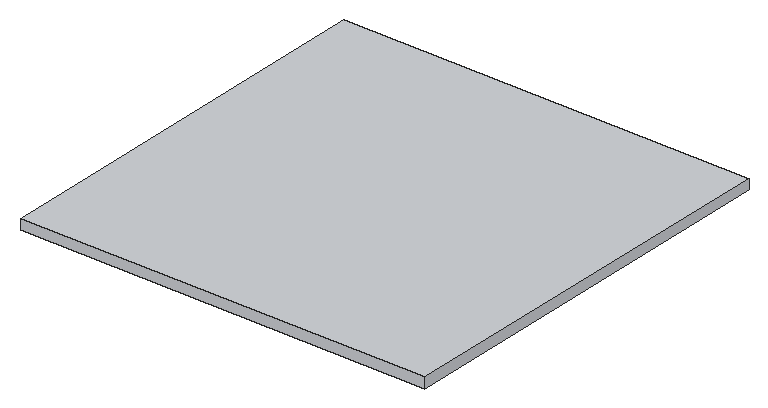
Revit family "79225", category Aparatos sanitarios, Revit 2017
Family settings
  Anfitrión = Cara
  Cota de conector redondo = Diámetro de uso
  Tipo de pieza = Normal
  Número OmniClass = 23.45.55.14
  Título OmniClass = Single Faucets
  Corte con vacíos al cargar = No
  Compartido = No
  Punto de cálculo de habitación = No
Parameters (values of type "79225")
  URL = "http://www.griferiasgalindo.com"
  Teléfono = "(+34) 915 782 575"
  TIPO DE AGUA = "Fria"
  REFERENCIA = "79225"
  Presión Máxima = "Max. 8 bar"
  PESO BRUTO = "1,500 Kg"
  Modelo = "PRESTO DOMO SENSIA - P con Pila CR-P2 Inox"
  Material = LATON CROMADO
  Imagen de tipo = <Ninguno>
  Fabricante = "PRESTO IBÉRICA"
  Default Elevation = 1219.2 mm
  ENTRADA = "Macho 1/2\""
  Descripción = "Grifo eléctronico para lavabo de un agua para instalación mural."
  Código de montaje = "C1030220"
  Contacto = "info@prestoiberica.com"
  Conexión AF = yes
  Conexión AC = no
  Comentarios de tipo = "Ahorro de agua y energia. Componentes integrados. Conexiones internas estancas. Suministrador con caja para empotrar. Cierre automático de electroválvula en caso de fallo de alimentación eléctrica. Aireador \"Flowing Ecosystems\". Aclarado automático c/24h. Pack de pila CR-P2 estanco. Temperatura máxima 70ºC"
  CIERRE = "Automático en 120 seg."
  CAUDAL = "6 l/min."
  Accionamiento = "Manual"
Reference planes
  plane 1 "Centro (Frontal/Posterior)": y = 0
  plane 2: z = 0
  plane 3 "Centro (Izquierda/Derecha)": x = 0
Forms (mm)
  Extrusion 1, solid
    sketch origin (0, 0, 0) x (1, 0, 0) y (0, 1, 0)
      loop
        line (-100, 100) -> (-100, -100) -> (100, -100) -> (100, 100) -> (-100, 100)
    from 0 to -5
Dimensions and locks
  Extrusion 1 sketch curve to plane 1 "Centro (Frontal/Posterior)" = 100 mm
  aligned and locked: plane 2 to Extrusion 1
  aligned and locked: level to Extrusion 1
Connectors
  piping at (0, -43.5, -62.5), diameter 12.7
    settings: on import instance, index 1, connector inside diameter 609.6 mm, connector length 0 mm, flow factor 0, pipe flow 0.0 L/s, pressure drop 0.0 Pa, fitting loss kfactor 0, connector angle 0.00°, fixture units 0, engagement length 0 mm, angle of deflection 0.00°, flow configuration 0, flow direction 1, fitting loss method 0, system type 20, joint type 0, gender type 0, connector reference index -1, connector utility 0, adjustable connector no, is connector primary yes, connector description ""
